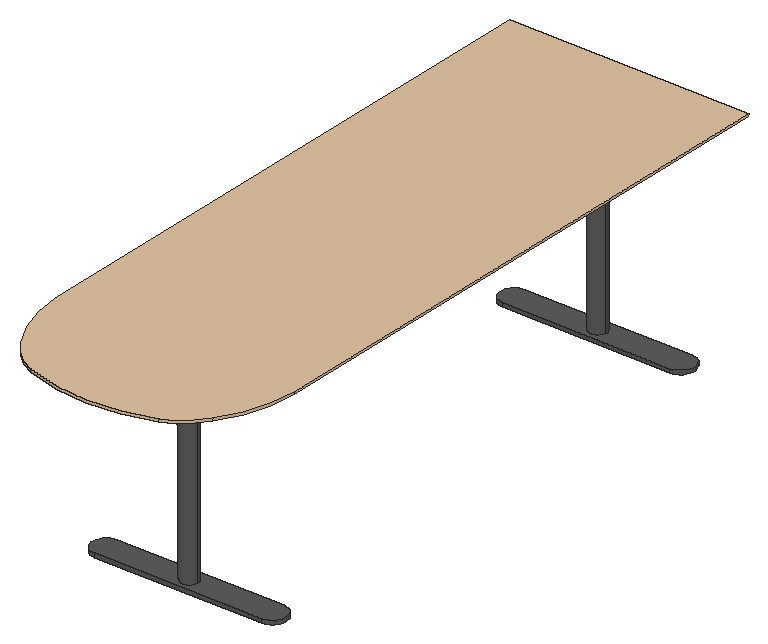
Revit family "FU_Table_Sandler_KERN 0620", category Furniture, Revit 2022
Family settings
  OmniClass Number = 23.40.20.00
  OmniClass Title = General Furniture and Specialties
  Work Plane-Based = No
  Always vertical = Yes
  Cut with Voids When Loaded = No
  Render Appearance Source = Family Geometry
  Shared = No
  Room Calculation Point = No
Parameters (values of type "KERN 0620")
  Width = 700 mm
  URL = "https://www.sandlerseating.com/product/kern-0620/"
  Top [instance] = Wood - Oak - Natural - V
  Model = "KERN 0620"
  Manufacturer = "Sandler"
  Height = 650 mm
  Frame [instance] = Epoxy - M1_B00 - Black
  Description = "Meeting table for six-seat rooms, suitable for configurations 3 and 4. 98% recyclable. Available in wood veneer, HPL, HPL Stone, and anti-fingerprint FENIX."
  Depth = 2000 mm
  Default Elevation = 0 mm
Reference planes
  plane 1 "Center (Front/Back)": y = 0
  plane 2: z = 0
  plane 3 "Center (Left/Right)": x = 0
  plane 4 "Right": x = -350
  plane 5 "Left": x = 350
  plane 6 "Back": y = 1000
  plane 7 "Front": y = -1000
  plane 8 "Height": z = 650
  plane 9 "Top Base": z = 627
Forms (mm)
  Extrusion 1, solid, material "Epoxy - M1_B00 - Black" <- "Frame"
    sketch origin (0, -350, 0) x (1, 0, 0) y (0, 1, 0)
      loop
        arc (-245, -225) -> (-285, -265) -> (-245, -305) r 40
        line (-245, -305) -> (245, -305)
        arc (245, -305) -> (285, -265) -> (245, -225) r 40
        line (245, -225) -> (-245, -225)
    from 0 to 11
  Extrusion 2, solid, material "Epoxy - M1_B00 - Black" <- "Frame"
    sketch origin (0, -350, 627) x (-1, 0, 0) y (0, -1, 0)
      loop
        arc (100, 207.5) -> (121.213, 216.287) -> (130, 237.5) r 30
        line (130, 237.5) -> (130, 292.5)
        arc (130, 292.5) -> (121.213, 313.713) -> (100, 322.5) r 30
        line (100, 322.5) -> (-100, 322.5)
        arc (-100, 322.5) -> (-121.213, 313.713) -> (-130, 292.5) r 30
        line (-130, 292.5) -> (-130, 237.5)
        arc (-130, 237.5) -> (-121.213, 216.287) -> (-100, 207.5) r 30
        line (-100, 207.5) -> (100, 207.5)
    from 0 to -5
  Extrusion 3, solid, material "Epoxy - M1_B00 - Black" <- "Frame"
    sketch origin (0, -350, 0) x (1, 0, 0) y (0, 1, 0)
      loop
        circle (0, -265) r 25
    from 0 to 627
  Extrusion 4, solid, material "Epoxy - M1_B00 - Black" <- "Frame"
    sketch origin (0, 618.798, 0) x (1, 0, 0) y (0, 1, 0)
      loop
        line (-245, 225) -> (245, 225)
        arc (245, 225) -> (285, 265) -> (245, 305) r 40
        line (245, 305) -> (-245, 305)
        arc (-245, 305) -> (-285, 265) -> (-245, 225) r 40
    from 0 to 11
  Extrusion 5, solid, material "Epoxy - M1_B00 - Black" <- "Frame"
    sketch origin (0, 618.798, 627) x (-1, 0, 0) y (0, -1, 0)
      loop
        line (100, -207.5) -> (-100, -207.5)
        arc (-100, -207.5) -> (-121.213, -216.287) -> (-130, -237.5) r 30
        line (-130, -237.5) -> (-130, -292.5)
        arc (-130, -292.5) -> (-121.213, -313.713) -> (-100, -322.5) r 30
        line (-100, -322.5) -> (100, -322.5)
        arc (100, -322.5) -> (121.213, -313.713) -> (130, -292.5) r 30
        line (130, -292.5) -> (130, -237.5)
        arc (130, -237.5) -> (121.213, -216.287) -> (100, -207.5) r 30
    from 0 to -5
  Extrusion 6, solid, material "Epoxy - M1_B00 - Black" <- "Frame"
    sketch origin (0, 618.798, 0) x (1, 0, 0) y (0, 1, 0)
      loop
        circle (0, 265) r 25
    from 0 to 627
  Extrusion 7, solid, material "Wood - Oak - Natural - V" <- "Top"
    sketch origin (0, 0, 650) x (-1, 0, 0) y (0, -1, 0)
      loop
        arc (301.989, 664.764) -> (285.089, 763.649) -> (242.038, 854.261) r 366.919
        arc (242.038, 854.261) -> (210.314, 890.291) -> (169.804, 916.05) r 170.493
        arc (169.804, 916.05) -> (0, 946.991) -> (-169.804, 916.05) r 481.409
        arc (-169.804, 916.05) -> (-210.314, 890.291) -> (-242.038, 854.261) r 170.493
        arc (-242.038, 854.261) -> (-285.089, 763.649) -> (-301.989, 664.764) r 366.919
        line (-301.989, 664.764) -> (-301.989, -1000) -> (301.989, -1000) -> (301.989, 664.764)
    from -23 to 0
  Sweep 8, solid, material "Wood - Oak - Natural - V" <- "Top"
    path in 3D
      loop
        line (-301.989, 1000, 650) -> (-301.989, -664.764, 650)
        arc (-301.989, -664.764, 650) -> (-285.089, -763.649, 650) -> (-242.038, -854.261, 650) r 366.919
        arc (-242.038, -854.261, 650) -> (-210.314, -890.291, 650) -> (-169.804, -916.05, 650) r 170.493
        arc (-169.804, -916.05, 650) -> (0, -946.991, 650) -> (169.804, -916.05, 650) r 481.409
        arc (169.804, -916.05, 650) -> (210.314, -890.291, 650) -> (242.038, -854.261, 650) r 170.493
        arc (242.038, -854.261, 650) -> (285.089, -763.649, 650) -> (301.989, -664.764, 650) r 366.919
        line (301.989, -664.764, 650) -> (301.989, 1000, 650)
    profile "Pro_Kern_TopEdge : Pro_Kern_TopEdge" origin (-301.989, 167.618, 650) x (1, 0, 0) y (0, 0, 1)
      loop
        line (0, 0) -> (-48, 0) -> (-48, -7.51)
        arc (-48, -7.51) -> (-25.178, -18.907) -> (0, -23) r 84.789
        line (0, -23) -> (0, 0)
Cuts and joins
  joined: Extrusion 7, Sweep 8
Lines and regions (mm)
  sketch lines
    curve 1: line (-301.989, 1000, 650) -> (-301.989, -664.764, 650)
    curve 2: arc (-242.038, -854.261, 650) -> (-285.089, -763.649, 650) -> (-301.989, -664.764, 650) r 366.919
    curve 3: arc (-169.804, -916.05, 650) -> (-210.314, -890.291, 650) -> (-242.038, -854.261, 650) r 170.493
    curve 4: arc (169.804, -916.05, 650) -> (0, -946.991, 650) -> (-169.804, -916.05, 650) r 481.409
    curve 5: arc (242.038, -854.261, 650) -> (210.314, -890.291, 650) -> (169.804, -916.05, 650) r 170.493
    curve 6: arc (301.989, -664.764, 650) -> (285.089, -763.649, 650) -> (242.038, -854.261, 650) r 366.919
    curve 7: line (301.989, -664.764, 650) -> (301.989, 1000, 650)
Dimensions and locks
  equal spacing: plane 6 "Back", plane 1 "Center (Front/Back)", plane 7 "Front"
  "Depth": plane 6 "Back" to plane 7 "Front"
  equal spacing: plane 4 "Right", plane 3 "Center (Left/Right)", plane 5 "Left"
  "Width": plane 4 "Right" to plane 5 "Left"
  "Height": plane 8 "Height" to level
  locked: plane 8 "Height" to plane 9 "Top Base" at 23
  aligned and locked: level to plane 2
  aligned and locked: plane 9 "Top Base" to Extrusion 3
Automatic sketch dimensions
  plane 4 "Right" to Extrusion 1 sketch curve = 105 mm
  Extrusion 1 sketch curve to plane 5 "Left" = 105 mm
  plane 1 "Center (Front/Back)" to Extrusion 1 sketch curve = 655 mm
  Extrusion 1 sketch curve to Extrusion 1 sketch curve = 40 mm
  plane 3 "Center (Left/Right)" to Extrusion 2 sketch curve = 130 mm
  Extrusion 2 sketch curve to Extrusion 2 sketch curve = 30 mm  (x3)
  Extrusion 2 sketch curve to plane 3 "Center (Left/Right)" = 100 mm
  Extrusion 2 sketch curve to Extrusion 2 sketch curve = 0 mm
  plane 1 "Center (Front/Back)" to Extrusion 2 sketch curve = 557.5 mm
  Extrusion 2 sketch curve to Extrusion 2 sketch curve = 55 mm
  Extrusion 3 sketch curve to plane 3 "Center (Left/Right)" = 0 mm
  plane 1 "Center (Front/Back)" to Extrusion 3 sketch curve = 615 mm
  plane 4 "Right" to Extrusion 4 sketch curve = 105 mm
  Extrusion 4 sketch curve to plane 5 "Left" = 105 mm
  Extrusion 4 sketch curve to plane 1 "Center (Front/Back)" = 843.798 mm
  Extrusion 4 sketch curve to Extrusion 4 sketch curve = 40 mm
  plane 3 "Center (Left/Right)" to Extrusion 5 sketch curve = 130 mm
  Extrusion 5 sketch curve to Extrusion 5 sketch curve = 30 mm  (x3)
  Extrusion 5 sketch curve to plane 3 "Center (Left/Right)" = 100 mm
  Extrusion 5 sketch curve to Extrusion 5 sketch curve = 0 mm
  Extrusion 5 sketch curve to plane 1 "Center (Front/Back)" = 941.298 mm
  Extrusion 5 sketch curve to Extrusion 5 sketch curve = 55 mm
  Extrusion 6 sketch curve to plane 3 "Center (Left/Right)" = 0 mm
  Extrusion 6 sketch curve to plane 1 "Center (Front/Back)" = 883.798 mm
  Extrusion 7 sketch curve to plane 3 "Center (Left/Right)" = 0 mm
  plane 4 "Right" to Extrusion 7 sketch curve = 48.011 mm
  Extrusion 7 sketch curve to plane 6 "Back" = 0 mm
  Extrusion 7 sketch curve to plane 5 "Left" = 48.011 mm
  plane 3 "Center (Left/Right)" to Extrusion 7 sketch curve = 99.49 mm
  plane 3 "Center (Left/Right)" to Extrusion 7 sketch curve = 64.74 mm
  Extrusion 7 sketch curve to plane 3 "Center (Left/Right)" = 64.74 mm
  Extrusion 7 sketch curve to plane 3 "Center (Left/Right)" = 99.49 mm
  plane 1 "Center (Front/Back)" to Extrusion 7 sketch curve = 465.581 mm
  Extrusion 7 sketch curve to Extrusion 7 sketch curve = 187.393 mm
  Extrusion 7 sketch curve to Extrusion 7 sketch curve = 0 mm  (x2)
  Extrusion 7 sketch curve to Extrusion 7 sketch curve = 11.789 mm  (x2)
  Extrusion 7 sketch curve to Extrusion 7 sketch curve = 107.757 mm  (x2)
  plane 7 "Front" to Extrusion 7 sketch curve = 83.95 mm  (x2)
  radius of Extrusion 3 sketch curve = 25 mm
  radius of Extrusion 6 sketch curve = 25 mm
